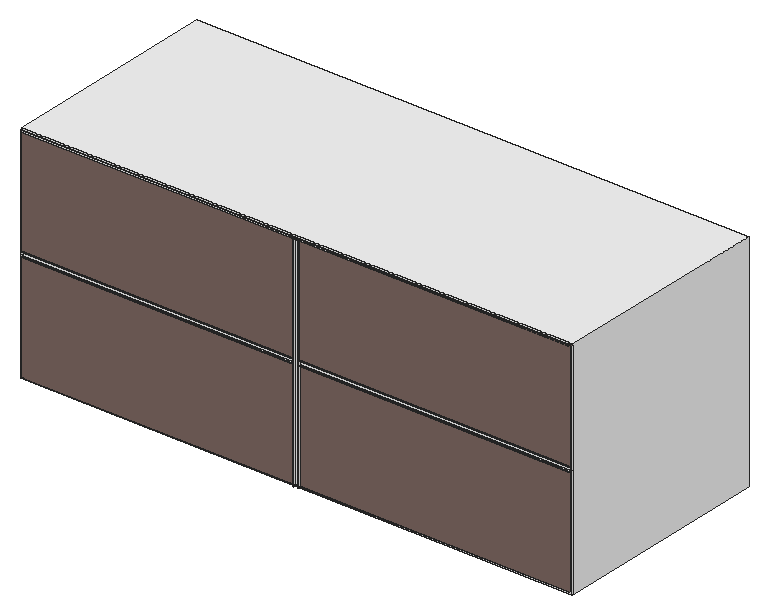
Revit family "vanity unit-hansgrohe-54236XXX-Xevolos E Vanity unit Matt White 1370_550 with 4 drawers for consoles with countertop basin ground left", category Furniture, Revit 2019 (continued)
Types (6, lengths in mm): name | SURFACE | NB | Model | MIdent | LODLEVEL | LINA | IDNR | ARTNR | 54236730-MATT_WHITE-DARK_OAK-400_RX0RY0RZ0TX0TY0TZ0_V | 54236730-MATT_WHITE-DARK_OAK-200_RX0RY0RZ0TX0TY0TZ0_V | 54236390-MATT_WHITE-PATTEREND_BRONZE-400_RX0RY0RZ0TX0TY0TZ0_V | 54236390-MATT_WHITE-PATTEREND_BRONZE-200_RX0RY0RZ0TX0TY0TZ0_V | 54236320-MATT_WHITE-METALLIC_WHITE-400_RX0RY0RZ0TX0TY0TZ0_V | 54236320-MATT_WHITE-METALLIC_WHITE-200_RX0RY0RZ0TX0TY0TZ0_V
  54236390-MATT_WHITE-PATTEREND_BRONZE-400 | "PATTEREND_BRONZE" | "54236390-MATT_WHITE-PATTEREND_BRONZE-400" | "54236390-MATT_WHITE-PATTEREND_BRONZE-400" | "{$CADENAS_DATA/23d-libs/hansgrohe/xevolos_furniture/e_vanity_unit_4drawers_consoles_countertop_basin/vanity_unit_4drawers_consoles_countertop_basin.prj},290 {VTYP=3D},{NB=54236390-MATT_WHITE-PATTEREND_BRONZE-400},{LINA=54236390-MATT_WHITE-PATTEREND_BRONZE-400},{NN=Vanity unit with 4 drawers for consoles with countertop basin ground},{DATE=13.03.2023 11:56:00},{GEOMDATE=12.03.2023 06:43:00},{VERSION=},{LINEID=20},{WBVAR=LODLEVEL},{WBNUMERIC=}  {NB=54236390-MATT_WHITE-PATTEREND_BRONZE-400},{LINA=54236390-MATT_WHITE-PATTEREND_BRONZE-400},{KT=DUMMY},{IDNR=2},{ARTNR=54236390},{BASENUMBER=54236},{MODEL=54236XXX},{OBERFLAECHE=MATT_WHITE},{SURFACE=PATTEREND_BRONZE},{L=1370},{CTP=L},{LODLEVEL=400},{LODLEVELX='400','400','200','200'},{NAME=Xevolos E Vanity unit Matt White 1370/550 with 4 drawers for consoles with countertop basin ground left},{PERMALINK=54236XXX},{OBJECTTYPE=Object (single object)},{BIMOBJECT=Sanitary: Compound units},{COLLECTIONSET=Xevolos E},{COLLECTION=vanity unit},{WEIGHT=83.3},{DESCRIPTION=Xevolos E Vanity unit Matt White 1370/550 with 4 drawers for consoles with countertop basin ground left},{PRODUCTURL=https://pro.hansgrohe.com/articledetail--54236320},{GTINCODE=0},{TENDERURL=0},{IFC=Furnishing element},{ETIM=EC011381 | Bathroom furniture set},{UNICLASS2015=Pr_40_30_78_05 | Bathroom furniture},{OMNICLASS=23-21 19 15 33 13 | Residential Bathroom Specialty Casework},{MASTERFORMAT=12 35 30.23 | Bathroom Casework},{UNSPSC=56 | Furniture and Furnishings},{UNIFORMATII=E2010 | Fixed Furnishings},{REGION=Worldwide},{DESIGN=Germany},{MANUFACTURER=Germany}" | "400" | "54236390-MATT_WHITE-PATTEREND_BRONZE-400" | 2 | "54236390" | no | no | yes | no | no | no
  54236730-MATT_WHITE-DARK_OAK-200 | "DARK_OAK" | "54236730-MATT_WHITE-DARK_OAK-200" | "54236730-MATT_WHITE-DARK_OAK-200" | "{$CADENAS_DATA/23d-libs/hansgrohe/xevolos_furniture/e_vanity_unit_4drawers_consoles_countertop_basin/vanity_unit_4drawers_consoles_countertop_basin.prj},274 {VTYP=3D},{NB=54236730-MATT_WHITE-DARK_OAK-200},{LINA=54236730-MATT_WHITE-DARK_OAK-200},{NN=Vanity unit with 4 drawers for consoles with countertop basin ground},{DATE=13.03.2023 11:56:00},{GEOMDATE=12.03.2023 06:43:00},{VERSION=},{LINEID=30},{WBVAR=LODLEVEL},{WBNUMERIC=}  {NB=54236730-MATT_WHITE-DARK_OAK-200},{LINA=54236730-MATT_WHITE-DARK_OAK-200},{KT=DUMMY},{IDNR=3},{ARTNR=54236730},{BASENUMBER=54236},{MODEL=54236XXX},{OBERFLAECHE=MATT_WHITE},{SURFACE=DARK_OAK},{L=1370},{CTP=L},{LODLEVEL=200},{LODLEVELX='400','400','200','200'},{NAME=Xevolos E Vanity unit Matt White 1370/550 with 4 drawers for consoles with countertop basin ground left},{PERMALINK=54236XXX},{OBJECTTYPE=Object (single object)},{BIMOBJECT=Sanitary: Compound units},{COLLECTIONSET=Xevolos E},{COLLECTION=vanity unit},{WEIGHT=83.3},{DESCRIPTION=Xevolos E Vanity unit Matt White 1370/550 with 4 drawers for consoles with countertop basin ground left},{PRODUCTURL=https://pro.hansgrohe.com/articledetail--54236320},{GTINCODE=0},{TENDERURL=0},{IFC=Furnishing element},{ETIM=EC011381 | Bathroom furniture set},{UNICLASS2015=Pr_40_30_78_05 | Bathroom furniture},{OMNICLASS=23-21 19 15 33 13 | Residential Bathroom Specialty Casework},{MASTERFORMAT=12 35 30.23 | Bathroom Casework},{UNSPSC=56 | Furniture and Furnishings},{UNIFORMATII=E2010 | Fixed Furnishings},{REGION=Worldwide},{DESIGN=Germany},{MANUFACTURER=Germany}" | "200" | "54236730-MATT_WHITE-DARK_OAK-200" | 3 | "54236730" | no | yes | no | no | no | no
  54236730-MATT_WHITE-DARK_OAK-400 | "DARK_OAK" | "54236730-MATT_WHITE-DARK_OAK-400" | "54236730-MATT_WHITE-DARK_OAK-400" | "{$CADENAS_DATA/23d-libs/hansgrohe/xevolos_furniture/e_vanity_unit_4drawers_consoles_countertop_basin/vanity_unit_4drawers_consoles_countertop_basin.prj},274 {VTYP=3D},{NB=54236730-MATT_WHITE-DARK_OAK-400},{LINA=54236730-MATT_WHITE-DARK_OAK-400},{NN=Vanity unit with 4 drawers for consoles with countertop basin ground},{DATE=13.03.2023 11:56:00},{GEOMDATE=12.03.2023 06:43:00},{VERSION=},{LINEID=30},{WBVAR=LODLEVEL},{WBNUMERIC=}  {NB=54236730-MATT_WHITE-DARK_OAK-400},{LINA=54236730-MATT_WHITE-DARK_OAK-400},{KT=DUMMY},{IDNR=3},{ARTNR=54236730},{BASENUMBER=54236},{MODEL=54236XXX},{OBERFLAECHE=MATT_WHITE},{SURFACE=DARK_OAK},{L=1370},{CTP=L},{LODLEVEL=400},{LODLEVELX='400','400','200','200'},{NAME=Xevolos E Vanity unit Matt White 1370/550 with 4 drawers for consoles with countertop basin ground left},{PERMALINK=54236XXX},{OBJECTTYPE=Object (single object)},{BIMOBJECT=Sanitary: Compound units},{COLLECTIONSET=Xevolos E},{COLLECTION=vanity unit},{WEIGHT=83.3},{DESCRIPTION=Xevolos E Vanity unit Matt White 1370/550 with 4 drawers for consoles with countertop basin ground left},{PRODUCTURL=https://pro.hansgrohe.com/articledetail--54236320},{GTINCODE=0},{TENDERURL=0},{IFC=Furnishing element},{ETIM=EC011381 | Bathroom furniture set},{UNICLASS2015=Pr_40_30_78_05 | Bathroom furniture},{OMNICLASS=23-21 19 15 33 13 | Residential Bathroom Specialty Casework},{MASTERFORMAT=12 35 30.23 | Bathroom Casework},{UNSPSC=56 | Furniture and Furnishings},{UNIFORMATII=E2010 | Fixed Furnishings},{REGION=Worldwide},{DESIGN=Germany},{MANUFACTURER=Germany}" | "400" | "54236730-MATT_WHITE-DARK_OAK-400" | 3 | "54236730" | yes | no | no | no | no | no
